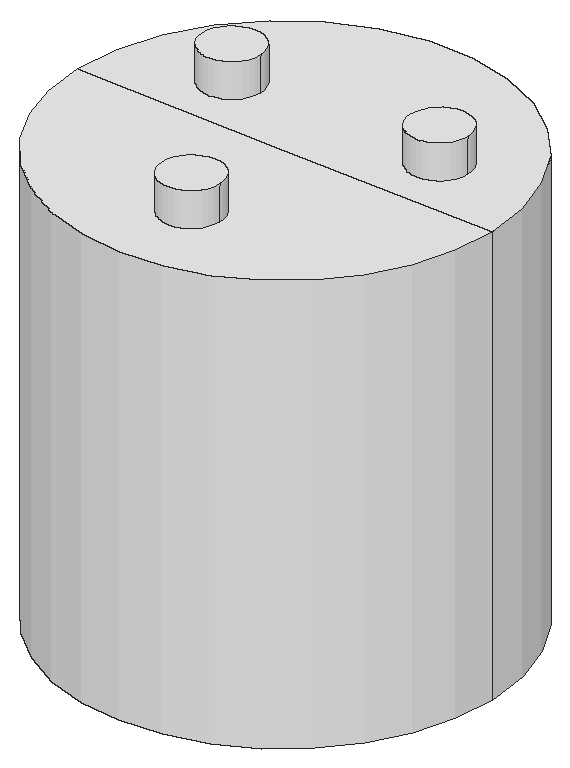
Revit family "Rax 150 surface - Generic", category Lighting Fixtures, Revit 2014
Parameters (values of type "Rax 150 Surface")
  Wattage Comments = ""
  Wattage = 21 W
  WarrantyGuarantorParts = "n/a"
  WarrantyDurationParts = "n/a"
  WarrantyDescription = "n/a"
  built-in parameter 1150110 = 1 (stored number, unit not read)
  Visible [instance] = yes
  Version = "v.1.0"
  Uniclass2 = "Pr_70_70_49_43 Light-Emitting Diode (LED) Luminaires"
  Uniclass 1.4 = "JY73"
  URL = "http://riegens.co.uk/rax-150-surface"
  Type Mark = ""
  TotalWattage = "Max. 17W / 23W"
  built-in parameter 1114217 = 1 (stored number, unit not read)
  Tilt Angle = 90.00°
  built-in parameter 1150109 = 1 (stored number, unit not read)
  built-in parameter 1150134 = 12
  TagNumber = "n/a"
  Switch ID [instance] = ""
  SustainabilityPerformance = "n/a"
  built-in parameter 1150113 = 1 (stored number, unit not read)
  SupplyCircuitConductorConnections = "n/a"
  Size = "Ø173 mm"
  Shape = "Circle"
  ProductInformation = "http://riegens.co.uk/rax-150-surface"
  PhotometricPerformance = "In accordance with BS EN 13032-1"
  Photometric Web File = "RaX Surface 150 21W LED 4000K Ra80 Refl. Satinmatt.ies"
  PhaseReference = "IEC recommendations"
  Panel [instance] = ""
  Optics = Riegens_Satin-matt
  Optic = "Plain, white or satin-matt reflector"
  OmniClass Title = "Luminaries for Internal Lighting"
  OmniClass Number = "23.80.70.11"
  NominalVoltage = "220-240V"
  Moves With Nearby Elements [instance] = no
  ModelReference = "Rax 150 Surface"
  Model = "Rax 150 Surface"
  Material = "Aluminium"
  Mark [instance] = "1"
  ManufacturersSpecificInformation = "n/a"
  ManufacturerURL = "www.riegens.com"
  Manufacturer = "Riegens A/S"
  built-in parameter 1150105 = 165.44 (stored number, unit not read)
  Lumens = 2079 lm
  LuminaireType = "Recessed Direct, Narrow beam, Asymmetric LED Luminaire"
  LuminairePowerFactor = ">0,9"
  built-in parameter 1150115 = 1 (stored number, unit not read)
  LightSource = "LED 3000K / 4000K"
  LightFixturePlacingType = "Ceiling"
  LightFixtureMountingType = "Surface"
  Light Source Definition (family) = "Point+HemiSpherical"
  built-in parameter 1150137 = (empty or 0)
  built-in parameter 1150139 = (empty or 0)
  LampType = "LED"
  LampRating = "15W / 21W "
  LampColourRenderingIndex = "Ra>80 / Ra>90"
  built-in parameter 1150112 = 1 (stored number, unit not read)
  built-in parameter 1150114 = 1 (stored number, unit not read)
  Lamp = ""
  InternalFuse = "Only required in emergency versions"
  InsulationStandardClass = "Class 1"
  built-in parameter 1150132 = (empty or 0)
  built-in parameter 1150102 = (empty or 0)
  built-in parameter 1150107 = 4000 (stored number, unit not read)
  built-in parameter 1150138 = (empty or 0)
  built-in parameter 1150106 = 1.6544 (stored number, unit not read)
  IfcExportType = "NOTDEFINED'"
  IfcExportAs = "IfcLightFixtureType'"
  IP_Code = "IP20"
  Height 2 = 203 mm
  Height 1 = 189 mm
  HasProtectiveEarth = "TRUE"
  Grade = "n/a"
  Frame = Riegens_Aluminium_Powder coated white gloss 25
  Finish = "Powder coated"
  Features = "n/a"
  Electrical Data [instance] = ""
  built-in parameter 1150104 = 9.1974 (stored number, unit not read)
  Documentation = "See URL hyperlink"
  DocumentReference = "See URL hyperlink"
  Dimming Lamp Color Temperature Shift = <None>
  Diameter 1 = 173 mm
  Description = "70-80-35 General Lighting Systems"
  ControlGearPosition = "Integrated "
  Constituents = "n/a"
  Comments [instance] = ""
  Colour = "White"
  Color Filter = 16777215
  built-in parameter 1114216 [instance] = (empty or 0)
  CodePerformance = "n/a"
  Circuit Number [instance] = ""
  built-in parameter 1140040 [instance] = (empty or 0)
  CCSTopnode = "L"
  CCSClassName = "Belysningsarmatur"
  CCSClassCode = "UAC"
  BarCode = "n/a"
  BallastsCELMAEnergyEfficiencyIndex = "Class A1/A2"
  built-in parameter 1114218 = 1 (stored number, unit not read)
  BSAB 96 = "SNB.2"
  BIMObjectName = "Rax 150 Surface.rfa"
  Author = "3dbyggeri"
  built-in parameter 1150133 = 10 (stored number, unit not read)
  AssetType = "Moveable/Fixed"
  AssetIdentifier = "n/a"
  Assembly Description = ""
  Assembly Code = ""
  ArticleNumber = "See URL hyperlink"
  Apparent Load = 240 VA
  AccessibilityPerformance = "n/a"
Reference planes
  plane 1 "Center (Front/Back)": y = 0
  plane 2: z = 0
  plane 3 "Center (Left/Right)": x = 0
Dimensions and locks
  aligned and locked: level to plane 2
Nested families
  nested 1: "Rax 150 surface- Dummy" at (0, 0, 0), type "Standard"
Connectors
  electrical at (-1.097, 0, -14)
    settings: on nested 1, index 1, voltage 0 V, apparent load 0 VA, apparent load phase1 0 VA, apparent load phase2 0 VA, apparent load phase3 0 VA, power factor 1, load classification "Other", number of poles 1, system type 31, power factor state 1, is connector primary yes, connector utility no, sub classification motor no, connector description ""
Definition of nested family "Rax 150 surface- Dummy"
  Parameters (values of type "Standard")
    Wattage Comments = ""
    Optics = Riegens_Satin-matt
    Lamp = ""
    Height 2 = 203 mm
    Height 1 = 189 mm
    Frame = Riegens_Aluminum_powder coated white gloss 25
    Diameter 1 = 173 mm
  Reference planes
    plane 1 "Light Source Axis (F/B)": y = 0
    plane 2: z = 0
    plane 3 "Light Source Axis (L/R)": x = 0
    plane 4 "Ceiling": z = 0
    plane 5 "Light Source Elevation": z = -189
    plane 6: z = 0
    plane 7: z = 14
    plane 8: x = -60
    plane 9: z = -139
    plane 10: z = -144
    plane 11: x = -61
    plane 12: z = -138
    plane 13: x = -10
    plane 14: x = -11
  Forms (mm)
    Extrusion 1, void
      sketch origin (0, 0, -189) x (-1, 0, 0) y (0, -1, 0)
        loop
          circle (0, 0) r 60
      from 0 to 2
    Revolve 2, solid, material "Riegens_Aluminum_powder coated white gloss 25" <- "Frame"
      sketch origin (-1.097, 0, -232.616) x (1, 0, 0) y (0, 0, 1)
        loop
          line (0, 218.616) -> (-86.582, 218.616) -> (-86.582, 43.616) -> (-59.903, 43.616) -> (-8.903, 94.616) -> (0, 94.616) -> (0, 218.616)
        axis (0, 218.616) -> (0, 43.616)
      angle from 0 to 360
    Extrusion 3, solid, material "Riegens_Aluminum_powder coated white gloss 25"
      sketch origin (0, 0, 0) x (1, 0, 0) y (0, 1, 0)
        loop
          circle (0, -50.19) r 12
        loop
          circle (-43.35, 25.031) r 12
        loop
          circle (43.369, 25.031) r 12
      from 0 to -14
    Revolve 4, solid
      sketch origin (0, 0, 0) x (1, 0, 0) y (0, 0, 1)
        loop
          line (-61.017, -189.017) -> (-60.017, -189.017) -> (-10, -139) -> (0, -139) -> (0, -138) -> (-10, -138) -> (-61.017, -189.017)
        axis (0, -138) -> (0, -189.017)
      angle from 0 to 360
  Cuts and joins
    Extrusion 1 cuts Revolve 2
  Dimensions and locks
    equal spacing: host sketch curve, plane 3 "Light Source Axis (L/R)", host sketch curve
    equal spacing: host sketch curve, plane 1 "Light Source Axis (F/B)", host sketch curve
    host sketch curve to host sketch curve = 4000 mm  (x2)
    locked: plane 4 "Ceiling" to host ceiling at 0
    locked: plane 7 to plane 5 "Light Source Elevation" at 203
    locked: plane 6 to plane 5 "Light Source Elevation" at 189
    plane 6 to plane 7 = 14 mm
    locked: plane 5 "Light Source Elevation" to level at 189
    plane 5 "Light Source Elevation" to plane 7 = 203 mm
    diameter of cut or joined group of Extrusion 1, Revolve 2 = 173.164 mm
    aligned and locked: Extrusion 3 to plane 6
